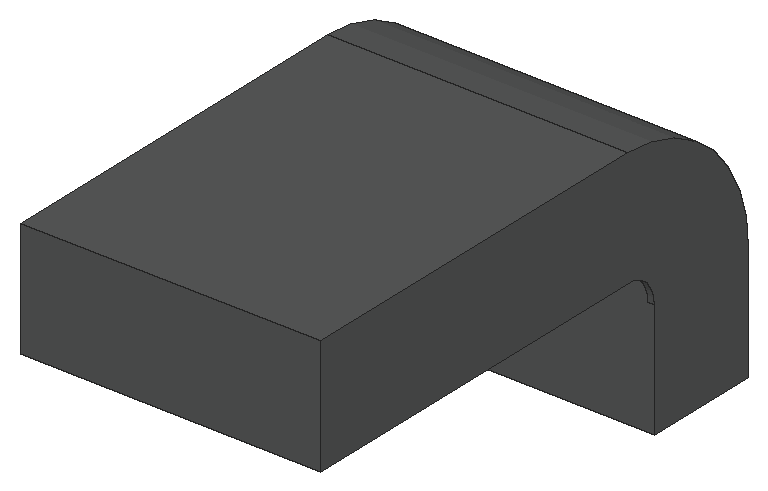
Revit family "0047932 Sylvania Lighting Fixture ST eco Surface Wall L-Shape IP54 570lm 830 BLK", category Lighting Fixtures, host Face, Revit 2016
Family settings
  Host = Face
  Part Type = Normal
  Round Connector Dimension = Use Diameter
  OmniClass Number = 23.80.70.11.17
  OmniClass Title = Specialized Lighting by Location or Use
  Cut with Voids When Loaded = No
  Light Source = Yes
  Shared = No
  Room Calculation Point = No
Parameters (values of type "0047932 ST eco Surface Wall L-Shape IP54 570lm 830 BLK")
  Width = 35.0 mm
  Length = Width + 55.0 mm  # 90.0 mm
  Weight = 0.68 kg
  Wattage = 8 W
  built-in parameter 1150110 = 1 (stored number, unit not read)
  Voltage Comments = "UNV (Universal Voltage; 230-240 Volt)"  # constant formula
  Voltage = 240 V  # constant formula
  URL = "http://www.sylvania-lighting.com/product/en-int/products/0047932"
  built-in parameter 1114217 = 1 (stored number, unit not read)
  Tilt Angle = 90.00°
  built-in parameter 1150109 = 1 (stored number, unit not read)
  built-in parameter 1150134 = (empty or 0)
  Ta Rating = "-20°C to +45°C"  # constant formula
  built-in parameter 1150113 = 1 (stored number, unit not read)
  Product Page URL = "http://www.sylvania-lighting.com/product/en-int/products/0047932"
  Product Family = ""
  Photometry Comments = ""
  Photometric Web File = "0047932.ies"
  built-in parameter 1150105 = 209.52 (stored number, unit not read)
  Lumens = 570 lm
  built-in parameter 1150115 = 1 (stored number, unit not read)
  built-in parameter 1150137 = (empty or 0)
  built-in parameter 1150139 = (empty or 0)
  Life = "25 000h"  # constant formula
  built-in parameter 1150112 = 1 (stored number, unit not read)
  built-in parameter 1150114 = 1 (stored number, unit not read)
  Lamp Comments = "Integrated LED"  # constant formula
  built-in parameter 1150132 = 2
  built-in parameter 1150102 = (empty or 0)
  built-in parameter 1150107 = 3000 (stored number, unit not read)
  built-in parameter 1150138 = (empty or 0)
  built-in parameter 1150106 = 2.0952 (stored number, unit not read)
  IP Rating = "IP54"  # constant formula
  IK Rating = "IK05"  # constant formula
  Energy Class = "A++ A+ A"  # constant formula
  Electrical Protection = "CLASS I"  # constant formula
  built-in parameter 1150104 = 6.6193 (stored number, unit not read)
  Drive Current = "300mA"
  Dimming Lamp Color Temperature Shift = <None>
  Color Filter = 16777215
  Catalog Number = "0047932 ST eco Surface Wall L-Shape IP54 570lm 830 BLK"
  Body Material = Aluminum_Sylvania_Velite_Black
  built-in parameter 1114218 = 1 (stored number, unit not read)
  built-in parameter 1150133 = 10 (stored number, unit not read)
  Height = 80.0 mm
  built-in parameter 1114216 [instance] = 1 (stored number, unit not read)
  Model = "ST eco Surface Wall L-Shape IP54 570lm 830 BLK"
  Manufacturer = "Feilo Sylvania"  # constant formula
  Lamp = "LED"
  Diffuser Material = Polycarbonate_Sylvania_Velite_Clear
  Description = "A range of sleek and stylish Outdoor LED luminaires.Velite is perfect for lighting courtyards, gardens and exterior entrances.Design  meets IK05 requirements.Available in various shapes, sizes and colours of die cast aluminium luminaires.Range includes bollards and various wall mounted direct and direct/indirect luminaires.High efficient thermal design: ta -20 to +45oC.High performance: delivers up to 830 lm (luminaire lumen output), and up to 71lm/W (total system efficiency).Available in warm white (3,000K).Energy class: A++, A+, A.Lifetime: 30,000 hours life at 70% of the original output L70."  # constant formula
  Default Elevation = 0.0 mm
  built-in parameter 1140040 [instance] = 1
  Assembly Code = "D5020200"
  Apparent Load Comments = ""
  Apparent Load = 8 VA
Reference planes
  plane 1 "Center (Front/Back)": y = 0
  plane 2 "Fixture Top": z = 0
  plane 3 "Center (Left/Right)": x = 0
  plane 4: x = 45
  plane 5: y = 17.5
  plane 6: x = -45
  plane 7: y = -17.5
  plane 8: x = -43
  plane 9: x = 43
  plane 10: y = 15.5
  plane 11: y = -15.5
  plane 12: z = 80
  plane 13: z = 45
  plane 14: y = -142.5
  plane 15: y = -140.5
  plane 16: z = 47
  plane 17: z = 78
  plane 18: z = 2
  plane 19: y = -79
Forms (mm)
  Extrusion 1, solid, material "Aluminum_Sylvania_Velite_Black" <- "Body Material", detail levels fine
    sketch origin (0, 0, 0) x (1, 0, 0) y (0, 1, 0)
      loop
        line (-43, -17.5) -> (43, -17.5) -> (43, -15.5) -> (-43, -15.5) -> (-43, -17.5)
    from 0 to 47
  Sweep 2, solid, material "Aluminum_Sylvania_Velite_Black" <- "Body Material", detail levels fine
    path origin (0, 0, 0) x (0, 1, 0) y (0, 0, 1)
      loop
        line (-17.5, 0) -> (-17.5, 35)
        arc (-17.5, 35) -> (-20.429, 42.071) -> (-27.5, 45) r 10
        line (-27.5, 45) -> (-140.5, 45)
    profile origin (0, -17.5, 17.5) x (0, -1, 0) y (1, 0, 0)
      loop
        line (-35, -45) -> (0, -45) -> (0, -43) -> (-33, -43) -> (-33, 43) -> (0, 43) -> (0, 45) -> (-35, 45) -> (-35, -45)
  Extrusion 3, solid, material "Aluminum_Sylvania_Velite_Black" <- "Body Material", detail levels fine
    sketch origin (0, 0, 0) x (1, 0, 0) y (0, 0, 1)
      loop
        line (-45, 80) -> (-45, 45) -> (45, 45) -> (45, 80) -> (-45, 80)
    from 140.5 to 142.5
  Extrusion 4, solid, material "Aluminum_Sylvania_Velite_Black" <- "Body Material", detail levels fine
    sketch origin (0, 0, 0) x (1, 0, 0) y (0, 1, 0)
      loop
        line (43, 15.5) -> (-43, 15.5) -> (-43, -15.5) -> (43, -15.5) -> (43, 15.5)
    from 0 to 2
  Extrusion 5, solid, material "Polycarbonate_Sylvania_Velite_Clear" <- "Diffuser Material", detail levels fine
    sketch origin (0, 0, 0) x (1, 0, 0) y (0, 1, 0)
      loop
        line (43, -17.5) -> (-43, -17.5) -> (-43, -140.5) -> (43, -140.5) -> (43, -17.5)
    from 45 to 47
  Extrusion 6, solid, material "Aluminum_Sylvania_Velite_Black" <- "Body Material", detail levels coarse+medium
    sketch origin (0, 0, 0) x (0, 1, 0) y (0, 0, 1)
      loop
        line (17.5, 0) -> (17.5, 80) -> (-142.5, 80) -> (-142.5, 45) -> (-17.5, 45) -> (-17.5, 0) -> (17.5, 0)
    from -45 to 45
Cuts and joins
  joined: Extrusion 1, Sweep 2, Extrusion 3, Extrusion 4
Dimensions and locks
  equal spacing: plane 6, plane 3 "Center (Left/Right)", plane 4
  "Length": plane 6 to plane 4
  equal spacing: plane 7, plane 1 "Center (Front/Back)", plane 5
  "Width": plane 5 to plane 7
  locked: plane 6 to plane 8 at 2
  locked: plane 9 to plane 4 at 2
  locked: plane 5 to plane 10 at 2
  locked: plane 7 to plane 11 at 2
  plane 5 to plane 14 = 160.0 mm
  plane 14 to plane 15 = 2.0 mm
  locked: plane 18 to plane 2 "Fixture Top" at 2
  "Height": plane 12 to plane 2 "Fixture Top"
  equal spacing: plane 7, plane 19, plane 15
  "Width": plane 12 to plane 13
  locked: plane 12 to plane 17 at 2
  plane 16 to imposter light = 2.0 mm
  locked: plane 16 to plane 13 at 2
  aligned and locked: host face to plane 2 "Fixture Top"
  aligned and locked: level to host face
  aligned and locked: Extrusion 1 sketch curve to plane 7
  aligned and locked: plane 11 to Extrusion 1 sketch curve
  aligned and locked: Extrusion 1 to plane 2 "Fixture Top"
  aligned and locked: plane 7 to Sweep 2 sketch curve
  aligned and locked: Sweep 2 sketch curve to plane 13
  aligned and locked: Sweep 2 sketch curve to plane 6
  aligned and locked: Sweep 2 sketch curve to plane 8
  aligned and locked: Sweep 2 sketch curve to plane 4
  aligned and locked: plane 9 to Sweep 2 sketch curve
  aligned and locked: Sweep 2 sketch curve to plane 5
  aligned and locked: Sweep 2 sketch curve to plane 7
  aligned and locked: plane 9 to Extrusion 1 sketch curve
  aligned and locked: Sweep 2 sketch curve to plane 10
  aligned and locked: Extrusion 3 sketch curve to plane 12
  aligned and locked: plane 6 to Extrusion 3 sketch curve
  aligned and locked: Extrusion 3 sketch curve to Sweep 2  (x2)
  aligned and locked: plane 15 to Sweep 2 sketch curve
  aligned and locked: Extrusion 3 to plane 15
  aligned and locked: plane 14 to Extrusion 3
  aligned and locked: plane 2 "Fixture Top" to Sweep 2 sketch curve
  aligned and locked: plane 10 to Extrusion 4 sketch curve
  aligned and locked: Extrusion 4 sketch curve to plane 9
  aligned and locked: plane 11 to Extrusion 4 sketch curve
  aligned and locked: Extrusion 4 sketch curve to plane 8
  aligned and locked: Extrusion 4 to plane 2 "Fixture Top"
  aligned and locked: plane 18 to Extrusion 4
  aligned and locked: Extrusion 5 sketch curve to plane 8
  aligned and locked: plane 15 to Extrusion 5 sketch curve
  aligned and locked: Extrusion 5 sketch curve to plane 9
  aligned and locked: Extrusion 5 to plane 13
  aligned and locked: plane 7 to Extrusion 5
  aligned and locked: imposter light to plane 3 "Center (Left/Right)"
  aligned and locked: imposter light to plane 19
  aligned and locked: plane 13 to imposter light
  aligned and locked: plane 16 to Extrusion 5
  aligned and locked: plane 16 to Extrusion 1
  aligned and locked: plane 2 "Fixture Top" to Extrusion 6 sketch curve
  aligned and locked: plane 5 to Extrusion 6 sketch curve
  aligned and locked: plane 7 to Extrusion 6 sketch curve
  aligned and locked: plane 13 to Extrusion 6 sketch curve
  aligned and locked: plane 12 to Extrusion 6 sketch curve
  aligned and locked: plane 14 to Extrusion 6 sketch curve
  aligned and locked: Extrusion 6 to plane 6
  aligned and locked: plane 4 to Extrusion 6
Automatic sketch dimensions
  host sketch curve to host sketch curve = 447.379 mm
  host sketch curve to host sketch curve = 434.165 mm
  Sweep 2 sketch curve to profile plane = 0.0 mm
  Extrusion 1 sketch curve to plane 8 = 0.0 mm
  Sweep 2 sketch curve to plane 7 = 10.0 mm
  Extrusion 5 sketch curve to plane 10 = 33.0 mm
Connectors
  electrical at (0, 0, 0), driven by "Voltage", driven by "Apparent Load"
    settings: on cut or joined group of Extrusion 1, Sweep 2, Extrusion 3, Extrusion 4, index 1, voltage 240 V, apparent load 0 VA, apparent load phase1 8 VA, apparent load phase2 0 VA, apparent load phase3 0 VA, power factor 1, load classification "Lighting", number of poles 1, system type 31, power factor state 1, is connector primary yes, connector utility no, sub classification motor no, connector description ""
